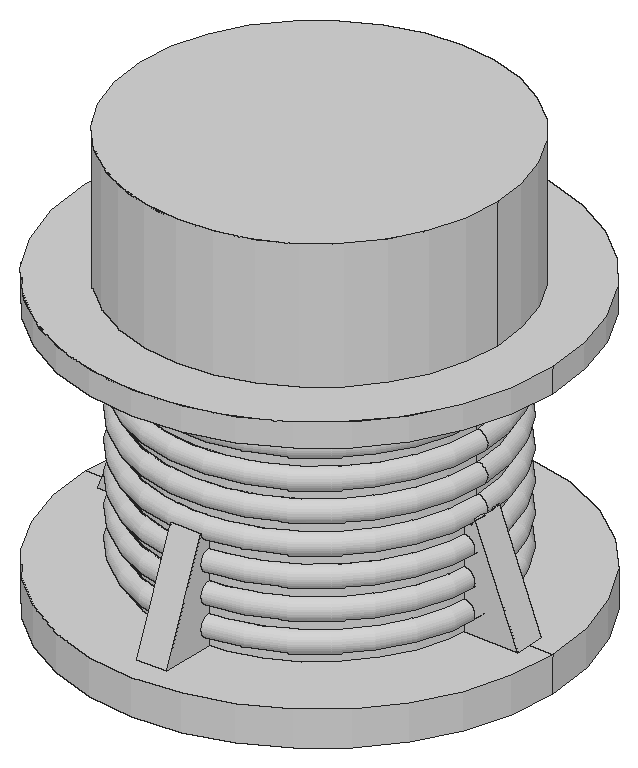
Revit family "EV_WATER STOP CAP 26_9372794", category Modelos genéricos, Revit 2018
Family settings
  Puede alojar armadura = No
  Cota de conector redondo = Diámetro de uso
  Tipo de pieza = Normal
  Número OmniClass = 35.51.14.00
  Título OmniClass = FORMWORK
  Se basa en plano de trabajo = Sí
  Siempre vertical = No
  Corte con vacíos al cargar = No
  Compartido = Sí
  Punto de cálculo de habitación = No
Parameters
  VERSION = "20170217"  # constant formula
  URL = "www.ulmaconstruction.com/en"
  UNICLASS = ""
  Fabricante = "ULMA CONSTRUCTION"  # constant formula
  ITEM_CODE = "9372794"
  FILTER [instance] = ""
  Default Elevation = 0.000 mm
  CLASSIFICATION_TITLE = ""
  CLASSIFICATION_NUMBER = ""
Reference planes
  plane 1 "Centro (Frontal/Posterior)": y = 0
  plane 2: z = 0
  plane 3 "Centro (Izquierda/Derecha)": x = 0
Forms (mm)
  Revolve 1, solid, material "ULMA PLASTIC GRAY", detail levels medium+fine
    sketch origin (0, 0, 0) x (1, 0, 0) y (0, 0, 1)
      loop
        line (0, 0) -> (0, 22.999) -> (-13.467, 22.999) -> (-13.467, 3) -> (-20, 3) -> (-20, 0) -> (0, 0)
      axis (0, 22.999) -> (0, 0)
    angle from 0 to 360
  Revolve 2, solid, material "ULMA PLASTIC GRAY", detail levels medium+fine
    sketch origin (0, 0, 0) x (1, 0, 0) y (0, 0, 1)
      loop
        arc (-13.5, 15.5) -> (-14.375, 14.625) -> (-13.5, 13.75) r 0.875
        line (-13.5, 13.75) -> (0, 13.75) -> (0, 15.5) -> (-13.5, 15.5)
      axis (0, 15.5) -> (0, 13.75)
    angle from 0 to 360
  Revolve 3, solid, material "ULMA PLASTIC GRAY", detail levels medium+fine
    sketch origin (0, 0, -2.5) x (1, 0, 0) y (0, 0, 1)
      loop
        arc (-13.5, 15.5) -> (-14.375, 14.625) -> (-13.5, 13.75) r 0.875
        line (-13.5, 13.75) -> (0, 13.75) -> (0, 15.5) -> (-13.5, 15.5)
      axis (0, 15.5) -> (0, 13.75)
    angle from 0 to 360
  Revolve 4, solid, material "ULMA PLASTIC GRAY", detail levels medium+fine
    sketch origin (0, 0, -5) x (1, 0, 0) y (0, 0, 1)
      loop
        arc (-13.5, 15.5) -> (-14.375, 14.625) -> (-13.5, 13.75) r 0.875
        line (-13.5, 13.75) -> (0, 13.75) -> (0, 15.5) -> (-13.5, 15.5)
      axis (0, 15.5) -> (0, 13.75)
    angle from 0 to 360
  Revolve 5, solid, material "ULMA PLASTIC GRAY", detail levels medium+fine
    sketch origin (0, 0, -7.5) x (1, 0, 0) y (0, 0, 1)
      loop
        arc (-13.5, 15.5) -> (-14.375, 14.625) -> (-13.5, 13.75) r 0.875
        line (-13.5, 13.75) -> (0, 13.75) -> (0, 15.5) -> (-13.5, 15.5)
      axis (0, 15.5) -> (0, 13.75)
    angle from 0 to 360
  Revolve 6, solid, material "ULMA PLASTIC GRAY", detail levels medium+fine
    sketch origin (0, 0, -10) x (1, 0, 0) y (0, 0, 1)
      loop
        arc (-13.5, 15.5) -> (-14.375, 14.625) -> (-13.5, 13.75) r 0.875
        line (-13.5, 13.75) -> (0, 13.75) -> (0, 15.5) -> (-13.5, 15.5)
      axis (0, 15.5) -> (0, 13.75)
    angle from 0 to 360
  Revolve 7, solid, material "ULMA PLASTIC GRAY", detail levels medium+fine
    sketch origin (0, 0, 7.5) x (1, 0, 0) y (0, 0, 1)
      loop
        arc (-13.5, 15.5) -> (-14.375, 14.625) -> (-13.5, 13.75) r 0.875
        line (-13.5, 13.75) -> (0, 13.75) -> (0, 15.5) -> (-13.5, 15.5)
      axis (0, 15.5) -> (0, 13.75)
    angle from 0 to 360
  Revolve 8, solid, material "ULMA PLASTIC GRAY", detail levels medium+fine
    sketch origin (0, 0, 5) x (1, 0, 0) y (0, 0, 1)
      loop
        arc (-13.5, 15.5) -> (-14.375, 14.625) -> (-13.5, 13.75) r 0.875
        line (-13.5, 13.75) -> (0, 13.75) -> (0, 15.5) -> (-13.5, 15.5)
      axis (0, 15.5) -> (0, 13.75)
    angle from 0 to 360
  Revolve 9, solid, material "ULMA PLASTIC GRAY", detail levels medium+fine
    sketch origin (0, 0, 2.5) x (1, 0, 0) y (0, 0, 1)
      loop
        arc (-13.5, 15.5) -> (-14.375, 14.625) -> (-13.5, 13.75) r 0.875
        line (-13.5, 13.75) -> (0, 13.75) -> (0, 15.5) -> (-13.5, 15.5)
      axis (0, 15.5) -> (0, 13.75)
    angle from 0 to 360
  Extrusion 10, solid, material "ULMA PLASTIC GRAY", detail levels medium+fine
    sketch origin (0, 0, 0) x (1, 0, 0) y (0, 1, 0)
      loop
        circle (0, 0) r 20
    from 23 to 25
  Extrusion 11, solid, material "ULMA PLASTIC GRAY", detail levels medium+fine
    sketch origin (0, 0, 0) x (1, 0, 0) y (0, 1, 0)
      loop
        circle (0, 0) r 15.25
    from 25 to 36
  Extrusion 12, solid, material "ULMA PLASTIC GRAY", detail levels medium+fine
    sketch origin (0, 0, 0) x (1, 0, 0) y (0, 0, 1)
      loop
        line (13.467, 11.25) -> (13.467, 3) -> (17.956, 3) -> (14.328, 11.978)
        spline (14.328, 11.978) -> (14.305, 11.878) -> (14.27, 11.782) -> (14.225, 11.691) -> (14.169, 11.605) -> (14.104, 11.527) -> (14.03, 11.456) -> (13.948, 11.395) -> (13.86, 11.344) -> (13.767, 11.303) -> (13.669, 11.274) -> (13.569, 11.256) -> (13.467, 11.25)
    from -1.257 to 1.261
  Extrusion 13, solid, material "ULMA PLASTIC GRAY", detail levels medium+fine
    sketch origin (0, 0, 0) x (-1, 0, 0) y (0, 0, -1)
      loop
        spline (13.467, -11.25) -> (13.569, -11.256) -> (13.669, -11.274) -> (13.767, -11.303) -> (13.86, -11.344) -> (13.948, -11.395) -> (14.03, -11.456) -> (14.104, -11.527) -> (14.169, -11.605) -> (14.225, -11.691) -> (14.27, -11.782) -> (14.305, -11.878) -> (14.328, -11.978)
        line (14.328, -11.978) -> (17.956, -3) -> (13.467, -3) -> (13.467, -11.25)
    from -1.257 to 1.261
  Extrusion 14, solid, material "ULMA PLASTIC GRAY", detail levels medium+fine
    sketch origin (-0.002, 0.044, 0) x (0, 1, 0) y (0, 0, 1)
      loop
        line (13.467, 11.25) -> (13.467, 3) -> (17.956, 3) -> (14.328, 11.978)
        spline (14.328, 11.978) -> (14.305, 11.878) -> (14.27, 11.782) -> (14.225, 11.691) -> (14.169, 11.605) -> (14.104, 11.527) -> (14.03, 11.456) -> (13.948, 11.395) -> (13.86, 11.344) -> (13.767, 11.303) -> (13.669, 11.274) -> (13.569, 11.256) -> (13.467, 11.25)
    from -1.257 to 1.261
  Extrusion 15, solid, material "ULMA PLASTIC GRAY", detail levels medium+fine
    sketch origin (-0.002, 0.044, 0) x (0, -1, 0) y (0, 0, -1)
      loop
        spline (13.467, -11.25) -> (13.569, -11.256) -> (13.669, -11.274) -> (13.767, -11.303) -> (13.86, -11.344) -> (13.948, -11.395) -> (14.03, -11.456) -> (14.104, -11.527) -> (14.169, -11.605) -> (14.225, -11.691) -> (14.27, -11.782) -> (14.305, -11.878) -> (14.328, -11.978)
        line (14.328, -11.978) -> (17.956, -3) -> (13.467, -3) -> (13.467, -11.25)
    from -1.257 to 1.261
Lines and regions (mm)
  model lines, style "ULMA CONSUMABLES", detail levels medium+fine
    curve 1: arc (-1.212, 12.943, 36) -> (-4.975, 12.01, 36) -> (-8.295, 10.01, 36) r 13
    curve 2: arc (12.943, 1.212, 36) -> (12.01, 4.975, 36) -> (10.01, 8.295, 36) r 13
    curve 3: arc (10.01, 8.295, 36) -> (8.603, 8.603, 36) -> (8.295, 10.01, 36) r 1.334
    curve 4: arc (12.943, 1.212, 36) -> (12.01, 4.975, 36) -> (10.01, 8.295, 36) r 13
    curve 5: arc (10.01, 8.295, 36) -> (8.603, 8.603, 36) -> (8.295, 10.01, 36) r 1.334
    curve 6: arc (8.295, 10.01, 36) -> (4.975, 12.01, 36) -> (1.212, 12.943, 36) r 13
    curve 7: arc (1.212, 12.943, 36) -> (0, 12.166, 36) -> (-1.212, 12.943, 36) r 1.334
    curve 8: arc (-8.295, 10.01, 36) -> (-8.603, 8.603, 36) -> (-10.01, 8.295, 36) r 1.334
    curve 9: arc (-10.01, 8.295, 36) -> (-12.01, 4.975, 36) -> (-12.943, 1.212, 36) r 13
    curve 10: arc (-12.943, 1.212, 36) -> (-12.166, 0, 36) -> (-12.943, -1.212, 36) r 1.334
    curve 11: arc (-12.943, -1.212, 36) -> (-12.01, -4.975, 36) -> (-10.01, -8.295, 36) r 13
    curve 12: arc (-10.01, -8.295, 36) -> (-8.603, -8.603, 36) -> (-8.295, -10.01, 36) r 1.334
    curve 13: arc (-8.295, -10.01, 36) -> (-4.975, -12.01, 36) -> (-1.212, -12.943, 36) r 13
    curve 14: arc (-1.212, -12.943, 36) -> (0, -12.166, 36) -> (1.212, -12.943, 36) r 1.334
    curve 15: arc (1.212, -12.943, 36) -> (4.975, -12.01, 36) -> (8.295, -10.01, 36) r 13
    curve 16: arc (8.295, -10.01, 36) -> (8.603, -8.603, 36) -> (10.01, -8.295, 36) r 1.334
    curve 17: arc (10.01, -8.295, 36) -> (12.01, -4.975, 36) -> (12.943, -1.212, 36) r 13
    curve 18: arc (12.943, -1.212, 36) -> (12.166, 0, 36) -> (12.943, 1.212, 36) r 1.334
    curve 19: circle (0, 0, 0) r 11.5 normal (0, 0, 1)
Dimensions and locks
  aligned and locked: level to plane 2
